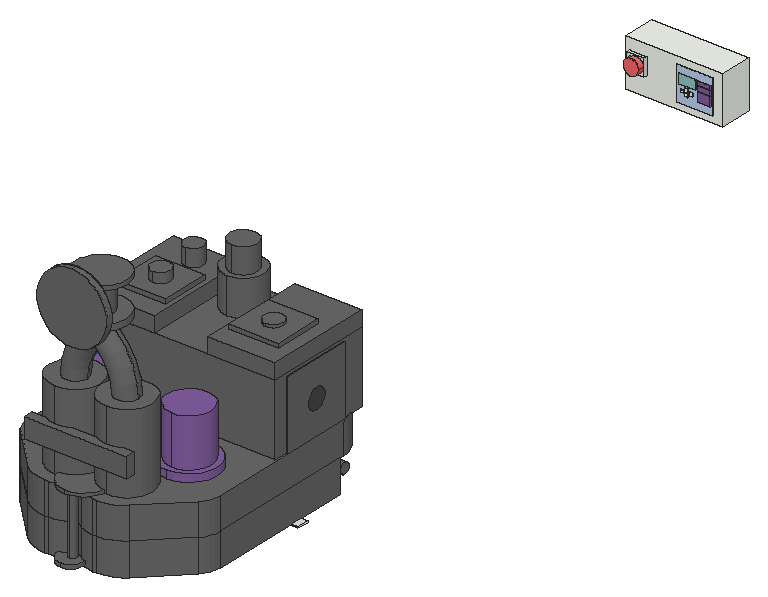
Revit family "11121", category Generic Models, Revit 2021
Family settings
  Can host rebar = No
  Round Connector Dimension = Use Diameter
  Part Type = Normal
  Work Plane-Based = No
  Always vertical = Yes
  Cut with Voids When Loaded = No
  Shared = Yes
  Room Calculation Point = No
Parameters (values of type "11121")
  SUPPLIER = "KESSEL"
  SA700ID49 = "Protection Class I"
  SA700ID48 = "no"
  SA700ID47 = "no"
  SA700ID46 = "yes"
  SA700ID37 = 20000 mm
  SA700ID34 = 55
  SA700ID33 = 4.2 W
  SA700ID32 = 188.86 kg
  SA700ID31 = 1
  SA700ID30 = 2
  SA700ID29 = "GLRD"
  SA700ID21 = 2000
  SA700ID10 = "yes"
  SA700ID08 = 400 V
  PROCUREWEBLINK = "https://p.caden.as/kessel/11121"
  PROCURELINK = "p.caden.as/kessel/11121"
  PROCUREDATALASTUPDATE = "2024-05-22T12:17:57.820755132+01:00"
  PREVIEW = "../../bilder/ksb_w_11121.png"
  PRC_SPECIFICATIONLINK = "https://ausschreiben.de/catalog/kessel/catalogItem/69e35619-5a2a-4ded-99a1-2c6b4afa951a"
  NN = "Lifting station Aqualift F XL"
  NBSYN = "$SA810ID03."
  NB = "11121"
  Model = "11121"
  Manufacturer = "KESSEL"
  MIdent = "{$CADENAS_DATA/23d-libs/kessel/kessel_vdi_import/4/entwaesserung/hebeanlage20aqualift20f20xl.prj},201 {STYP=ASS},{VTYP=3D},{NB=11121},{LINA=11121},{NN=Lifting station Aqualift F XL},{DATE=21.11.2022 10:48:11},{GEOMDATE=21.11.2022 10:48:11},{VERSION=},{LINEID=290},{WBVAR=LODLEVEL},{WBNUMERIC=LODLEVEL}  {NB=11121},{LINA=11121},{KT=DUMMY},{PREVIEW=../../bilder/ksb_w_11121.png},{SA700ID04=Hebeanlage Aqualift F XL 200 l, Duo, SPF 4500-S1, Gussschieber},{SA810ID06=04026092057889},{SA700ID34=55.00},{SA010ID03=201805},{SA810ID03=11121},{SA810ID10=Aqualift F XL 4500W-S1 Duo 200L m.S.G.KESSEL Aqualift F XL Hebeanlage für fäkalienhaltiges und fäkalienfreies Abwasser. Zur Aufstellung in frostgeschützten Räumen. Duoanlage mit zwei Pumpen des Typs SPF 4500-S1 Sammelbehälter aus Polyethylen, mit verschraubter Reinigungsöffnung, Anschlussstutzen für Zulauf von oben DN100/150. Inklusive Tauchrohr zur pneumatischen Niveauerfassung, Entlüftungsanschluss DN 70 und Anschluss für eine Handmembranpumpe DN32.Behälter inklusive Haltewinkel zur Auftriebssicherung.Behältervolumen 200 Liter, max. Nutzvolumen bei Zulauf von oben ca. 120 Liter.Zwei seitliche und zwei rückseitige Anbohrflächen zur Montage weiterer Zuläufe bis DN 200 unter Verwendung von Durchgangsdichtungen.Inklusive KESSEL Schaltgerät Aqualift Comfort 400 V.Anwenderfreundliche Menüführung im mehrzeiligem Display. MitSelbstdiagnosesystem (SDS) und Erinnerungsfunktion für nächste Wartung.Anzeige der aktuellen Messwerte. Einfache Einstellung derfunktionsrelevanten Parameter, inklusive Betriebsstundenzähler und potentialfreiem Kontakt. Optionale Weiterleitung von Alarm- und Sammelstörmeldung über GSM Schnittstelle.Schaltgerät mit Volltextanzeige in sechs Sprachen.Abwasserpumpe(n) mit Freistromrad zur Förderung von fäkalienfreiem und fäkalienhaltigem Abwasser gemäß DIN EN 12050-1.Freier Kugeldurchgang mindestens 40 mm. Pumpe(n) überflutungssicher. Inklusive Rückflussverhinderer, mit Druckabgang aus Grauguss DN 80. nach DIN 2501.Inklusive einem Absperrschieber.Pumpe(n) Typ SPF 4500-S1Fördermenge: max. 56 m³/hFörderhöhe: max. 20 mNennleistung (P2): 3,7 KW je PumpeAufnahmeleistung (P1): 4,5 KW je PumpeBetriebsspannung: 400 V DSNennfrequenz: 50 HzNennstrom: 7,4 AAbsicherung: 3 x C 25 ASchutzart (Pumpe): IP68 3mWS/48hSchutzart (Schaltgerät): IP 65Bertiebsart: S1Kabellänge: 5 mAußenmaße Anlage mit 200 Liter Behälter (BxTxH): 760 x 980 x 770 mmGewicht ca. 188,86 kg},{SA700ID37=20.00},{SA700ID33=4.20},{SA700ID08=400},{SA700ID30=2},{SA700ID32=188.86},{SA700ID49=Schutzklasse I},{SA700ID50=intern},{SA200ID03=6},{SA250ID03=vertikal},{SA260ID03=Trockenläuferpumpe},{SA350ID03=normalansaugend},{SA400ID03=E-Motor für Drehstrom},{SA460ID03=direkt},{SA500ID03=Kunststoff, Edelstahl},{SA700ID06=80},{SA700ID07=100},{SA700ID09=3/N/PE 400V},{SA700ID10=Ja},{SA700ID11=50},{SA700ID12=IP 68},{SA700ID13=F},{SA700ID15=40},{SA700ID21=2000.00},{SA700ID22=3.50},{SA700ID23=2850},{SA700ID24=2850},{SA700ID26=7.50},{SA700ID27=56.00},{SA700ID28=durchgehend},{SA700ID29=GLRD},{SA700ID31=1},{SA700ID46=ja},{SA700ID47=nein},{SA700ID48=nein},{SA110ID04=Hebeanlage Aqualift F XL},{SA300ID03=einstufig},{SA700ID44=10.00},{SA700ID45=10.00},{SA010ID04=KESSEL AG},{LODLEVEL=200},{LINK=https://www.kessel.de/info?han=11121},{SA970ID01=970},{SA970ID02=7143},{SA970ID03=11121},{SA970ID04=11002617},{SA970ID05=QUAD},{SA970ID06=-410.01},{SA970ID07=-899.99},{SA970ID08=0},{SA970ID09=1},{SA970ID10=0},{SA970ID11=0},{SA970ID12=0},{SA970ID13=1},{SA970ID14=0},{SA970ID15=820.02},{SA970ID16=1030},{SA970ID17=1033.74},{LODLEVEL_=200,'Low'},{LODLEVEL_DEU=200,'Low'},{LINK_=https://www.kessel.de/info?han=11121},{LINK_DEU=https://www.kessel.de/info?han=11121},{LODLEVEL_3DB=11121_200},{DNIN1=100},{DNIN2=70},{DNIN4=10},{DNIN5=10},{DNIN6=50},{DNIN7=50},{DNIN8=50},{DNIN9=50},{DNOUT1=32},{DNOUT2=100},{DNOUT3=70},{ISD1=96},{ISD2=10},{ISDOUT1=40},{ISDOUT2=60},{ISDOUT3=65},{SA010ID01=010},{SA010ID02=4},{SA010ID06=www.kessel.de},{SA010ID07=www.kessel.de},{SA010ID12=20180713},{SA010ID13=DEU},{SA010ID14=DE},{SA100ID01=100},{SA100ID02=4},{SA100ID04=Entwässerung},{SA110ID01=110},{SA110ID02=6},{SA200ID01=200},{SA200ID02=6},{SA250ID01=250},{SA250ID02=2},{SA260ID01=260},{SA260ID02=2},{SA300ID01=300},{SA300ID02=1},{SA350ID01=350},{SA350ID02=1},{SA400ID01=400},{SA400ID02=2},{SA460ID01=460},{SA460ID02=1},{SA500ID01=500},{SA500ID02=1},{SA700ID01=700},{SA700ID02=82},{SA700ID10_=1},{SA700ID16=0},{SA700ID25=0},{SA700ID46_=1},{SA700ID47_=0},{SA700ID48_=0},{SA700ID49_=1},{SA700ID50_=2},{SA800ID01=800},{SA800ID02=46},{SA810ID01=810},{SA810ID02=82},{SA810ID04=11121},{SA810ID07=82},{SA810ID09=1},{SA810ID14=PCE},{SA810ID15=1},{SA810ID16=NMP},{SA960ID03=82},{SA960ID04=3L},{SA960ID08=https://www.kessel.de/info?han=11121},{SA010ID08=4026092000007},{SA100ID05=Hebeanlage},{SA110ID06=Hebeanlage}"
  LINK = "https://www.kessel.de/info?han=11121"
  LINA = "11121"
  Default Elevation = 0 mm
  CREATOR = "CADENAS GmbH"
  CATALOG = "KESSEL"
  BOMINFO = "LINA"
  ARTICLENO = "NB"
  4.810.00.9 Order quantity (multiplicator) = "1"
  4.810.00.7 Media- connection number = "82"
  4.810.00.6 GTIN number = "04026092057889"
  4.810.00.4 DATANORM number = "11121"
  4.810.00.3 Producer order number = "11121"
  4.710.03.7 Mass (net) = 188.86 kg
  4.710.03.6 Height = 1027 mm
  4.710.03.5 Width = 760 mm
  4.710.03.4 Length = 1109 mm
  4.710.03.3 Type of dimensions = "2"
  4.710.02.8 Area of application of wastewater pump = "1"
  4.710.02.6 Duty type = "S1"
  4.710.02.5 Cutting device = "0"
  4.710.02.4 Attached pump control = "1"
  4.710.02.3 Free passage = 40 mm
  4.710.01.6 Option to connect to building automation = "40"
  4.710.01.5 Load regulation = "0"
  4.710.01.4 Designation of closed-loop control = "120"
  4.710.01.3 Identifier for closed-loop control = "200"
  4.700.00.9 Voltage = 0
  4.700.00.8 Nominal connection size on suction side = "100"
  4.700.00.7 Nominal connection size on pressure side = "100"
  4.700.00.6 Type of connection = "80"
  4.700.00.4 Product indentification = "Hebeanlage Aqualift F XL 200 l, Duo, SPF 4500-S1, Gussschieber"
  4.700.00.28 Motor pump shaft = "durchgehend"
  4.700.00.27 Starting current = 56
  4.700.00.26 Maximum power consumption per pump / drive = 7.5
  4.700.00.25 Minimum speed at internal speed adjustment = 0
  4.700.00.24 Nominal speed / maximum speed n = 47.5
  4.700.00.23 Nominal speed of motor = 47.5
  4.700.00.22 Maximum shaft output (P2) per pump/drive = 3.5 W
  4.700.00.16 Maximum temperature of pumped medium = 0 °C
  4.700.00.15 Increased safety class = "40 °C"
  4.700.00.13 Type of protection = "F"
  4.700.00.12 Frequency = 0
  4.700.00.11 Stern-/Dreieck-Anlaufschaltung bei Dreiphasenanschluss oder Drehstrom = "50 Hz"
  4.700.00.10 Phase = "1"
  4.500.00.3 Variant / Variant type / Accessories-name = "Kunststoff, Edelstahl"
  4.460.00.3 Variant / Variant type / Accessories-name = "direkt"
  4.400.00.3 Variant / Variant type / Accessories-name = "E-Motor für Drehstrom"
  4.350.00.3 Variant / Variant type / Accessories-name = "normalansaugend"
  4.300.00.3 Variant / Variant type / Accessories-name = "einstufig"
  4.260.00.3 Variant / Variant type / Accessories-name = "Trockenläuferpumpe"
  4.250.00.3 Variant / Variant type / Accessories-name = "vertikal"
  4.200.00.3 Variant / Variant type / Accessories-name = "6"
  4.110.00.6 Product classification = "Hebeanlage"
  4.110.00.4 Product indentification = "Hebeanlage Aqualift F XL"
  4.100.00.5 Main groups of wares = "Hebeanlage"
  4.100.00.4 Product indentification = "Entwässerung"
  4.010.00.8 Producer ID number = "4026092000007"
  4.010.00.7 Comment = "www.kessel.de"
  4.010.00.6 Web address of the manufacturer = "www.kessel.de"
  4.010.00.4 Manufacturer name = "KESSEL AG"
  4.010.00.3 Date of issuance (month) of guideline = "201805"
  4.010.00.2 Sheet number of the guideline = "4"
  4.010.00.14 Kennungen der Projektländer, für die die Datei gültig ist = "DE"
  4.010.00.13 Sprache der Datei = "DEU"
  4.010.00.12 Stand des Herstellerkatalogs = "20180713"
Reference planes
  plane 1 "Center (Front/Back)": y = 0
  plane 2: z = 0
  plane 3 "Center (Left/Right)": x = 0
Forms (mm)
  Extrusion 1, void
    sketch origin (380.5, -115, 392) x (0, -1, 0) y (0, 0, 1)
      loop
        line (-0.5, -0.5) -> (0.5, -0.5) -> (0.5, 0.5) -> (-0.5, 0.5) -> (-0.5, -0.5)
    from 0 to 1
  Extrusion 2, void
    sketch origin (160.15, 130.5, 392) x (1, 0, 0) y (0, 0, 1)
      loop
        line (-0.5, -0.5) -> (0.5, -0.5) -> (0.5, 0.5) -> (-0.5, 0.5) -> (-0.5, -0.5)
    from 0 to 1
  Extrusion 3, void
    sketch origin (-161, 130.5, 392) x (1, 0, 0) y (0, 0, 1)
      loop
        line (-0.5, -0.5) -> (0.5, -0.5) -> (0.5, 0.5) -> (-0.5, 0.5) -> (-0.5, -0.5)
    from 0 to 1
  Extrusion 4, void
    sketch origin (-380.5, -115, 392) x (0, 1, 0) y (0, 0, 1)
      loop
        line (-0.5, -0.5) -> (0.5, -0.5) -> (0.5, 0.5) -> (-0.5, 0.5) -> (-0.5, -0.5)
    from 0 to 1
Dimensions and locks
  locked: plane 2 to Extrusion 1 at 392.5
  locked: plane 2 to Extrusion 1 at 391.5
  locked: plane 2 to Extrusion 2 at 392.5
  locked: plane 2 to Extrusion 2 at 391.5
  locked: plane 2 to Extrusion 3 at 392.5
  locked: plane 2 to Extrusion 3 at 391.5
  locked: plane 2 to Extrusion 4 at 392.5
  locked: plane 2 to Extrusion 4 at 391.5
  aligned and locked: level to plane 2
Nested families
  nested 1: "11121_content" at (0, 0, 0), type "11121_Content"
  nested 2: "11121_part1_X0Y0" at (1000, 1000, 1200), type "11121_PART1_X0Y0"
  nested 3: "11121_part2_X0Y0" at (0, 0, 0), type "11121_PART2_X0Y0"
Connectors
  electrical at (861, 933, 1201.5)
    settings: on nested 2, index 1, voltage 0 V, apparent load 0 VA, apparent load phase1 0 VA, apparent load phase2 0 VA, apparent load phase3 0 VA, power factor 1, load classification "Other", number of poles 1, system type 31, power factor state 1, is connector primary yes, connector utility no, sub classification motor no, connector description ""
  piping at (0, 0, 771), diameter 100
    settings: on nested 3, index 2, connector inside diameter 609.6 mm, connector length 0 mm, flow factor 0, pipe flow 0.0 L/s, pressure drop 0.0 Pa, fitting loss kfactor 0, connector angle 0.00°, fixture units 0, engagement length 0 mm, angle of deflection 0.00°, flow configuration 0, flow direction 1, fitting loss method 2, system type 8, joint type 0, gender type 0, connector reference index -1, connector utility 0, adjustable connector no, is connector primary yes, connector description ""
  piping at (380.5, -115, 392), diameter 70
    settings: on Extrusion 1, index 3, connector inside diameter 609.6 mm, connector length 0 mm, flow factor 0, pipe flow 0.0 L/s, pressure drop 0.0 Pa, fitting loss kfactor 0, connector angle 0.00°, fixture units 0, engagement length 0 mm, angle of deflection 0.00°, flow configuration 0, flow direction 0, fitting loss method 2, system type 8, joint type 0, gender type 0, connector reference index -1, connector utility 0, adjustable connector no, is connector primary no, connector description ""
  piping at (160.15, 130.5, 392), diameter 70
    settings: on Extrusion 2, index 4, connector inside diameter 609.6 mm, connector length 0 mm, flow factor 0, pipe flow 0.0 L/s, pressure drop 0.0 Pa, fitting loss kfactor 0, connector angle 0.00°, fixture units 0, engagement length 0 mm, angle of deflection 0.00°, flow configuration 0, flow direction 0, fitting loss method 2, system type 8, joint type 0, gender type 0, connector reference index -1, connector utility 0, adjustable connector no, is connector primary no, connector description ""
  piping at (-161, 130.5, 392), diameter 70
    settings: on Extrusion 3, index 5, connector inside diameter 609.6 mm, connector length 0 mm, flow factor 0, pipe flow 0.0 L/s, pressure drop 0.0 Pa, fitting loss kfactor 0, connector angle 0.00°, fixture units 0, engagement length 0 mm, angle of deflection 0.00°, flow configuration 0, flow direction 0, fitting loss method 2, system type 8, joint type 0, gender type 0, connector reference index -1, connector utility 0, adjustable connector no, is connector primary no, connector description ""
  piping at (-380.5, -115, 392), diameter 70
    settings: on Extrusion 4, index 6, connector inside diameter 609.6 mm, connector length 0 mm, flow factor 0, pipe flow 0.0 L/s, pressure drop 0.0 Pa, fitting loss kfactor 0, connector angle 0.00°, fixture units 0, engagement length 0 mm, angle of deflection 0.00°, flow configuration 0, flow direction 0, fitting loss method 2, system type 8, joint type 0, gender type 0, connector reference index -1, connector utility 0, adjustable connector no, is connector primary no, connector description ""
  piping at (0, -700, 966), diameter 100
    settings: on nested 3, index 7, connector inside diameter 609.6 mm, connector length 0 mm, flow factor 0, pipe flow 0.0 L/s, pressure drop 0.0 Pa, fitting loss kfactor 0, connector angle 0.00°, fixture units 0, engagement length 0 mm, angle of deflection 0.00°, flow configuration 0, flow direction 2, fitting loss method 2, system type 7, joint type 0, gender type 0, connector reference index -1, connector utility 0, adjustable connector no, is connector primary no, connector description ""
  piping at (-225, 36, 661), diameter 70
    settings: on nested 3, index 8, connector inside diameter 609.6 mm, connector length 0 mm, flow factor 0, pipe flow 0.0 L/s, pressure drop 0.0 Pa, fitting loss kfactor 0, connector angle 0.00°, fixture units 0, engagement length 0 mm, angle of deflection 0.00°, flow configuration 0, flow direction 2, fitting loss method 2, system type 7, joint type 0, gender type 0, connector reference index -1, connector utility 0, adjustable connector no, is connector primary no, connector description ""
  piping at (354.5, 56, 60), diameter 32
    settings: on nested 3, index 9, connector inside diameter 609.6 mm, connector length 0 mm, flow factor 0, pipe flow 0.0 L/s, pressure drop 0.0 Pa, fitting loss kfactor 0, connector angle 0.00°, fixture units 0, engagement length 0 mm, angle of deflection 0.00°, flow configuration 0, flow direction 2, fitting loss method 2, system type 7, joint type 0, gender type 0, connector reference index -1, connector utility 0, adjustable connector no, is connector primary no, connector description ""
  electrical at (185, -497, 477)
    settings: on nested 3, index 10, voltage 0 V, apparent load 0 VA, apparent load phase1 0 VA, apparent load phase2 0 VA, apparent load phase3 0 VA, power factor 1, load classification "Other", number of poles 1, system type 31, power factor state 1, is connector primary no, connector utility no, sub classification motor no, connector description ""
  electrical at (-185, -496.75, 477)
    settings: on nested 3, index 11, voltage 0 V, apparent load 0 VA, apparent load phase1 0 VA, apparent load phase2 0 VA, apparent load phase3 0 VA, power factor 1, load classification "Other", number of poles 1, system type 31, power factor state 1, is connector primary no, connector utility no, sub classification motor no, connector description ""
  electrical at (-222.5, -129, 650)
    settings: on nested 3, index 12, voltage 0 V, apparent load 0 VA, apparent load phase1 0 VA, apparent load phase2 0 VA, apparent load phase3 0 VA, power factor 1, load classification "Other", number of poles 1, system type 31, power factor state 1, is connector primary no, connector utility no, sub classification motor no, connector description ""
Definition of nested family "11121_part1_X0Y0"
  Parameters (values of type "11121_PART1_X0Y0")
    SUPPLIER = "KESSEL"
    SA700ID49 = "Protection Class I"
    SA700ID48 = "no"
    SA700ID47 = "no"
    SA700ID46 = "yes"
    SA700ID37 = 20000 mm
    SA700ID34 = 55
    SA700ID33 = 4.2 W
    SA700ID32 = 188.86 kg
    SA700ID31 = 1
    SA700ID30 = 2
    SA700ID29 = "GLRD"
    SA700ID21 = 2000
    SA700ID10 = "yes"
    SA700ID08 = 400 V
    PREVIEW = "../../bilder/ksb_w_11121.png"
    NBSYN = "$SA810ID03._PART1"
    NB = "11121_PART1"
    Model = "11121_PART1"
    Manufacturer = "KESSEL"
    MIdent = "{$CADENAS_DATA/23d-libs/kessel/kessel_vdi_import/4/entwaesserung/hebeanlage20aqualift20f20xl.prj},221 {VTYP=3D},{NB=11121_PART1},{LINA=11121_PART1},{NN=Lifting station Aqualift F XL_PART1},{NOPRJ=TRUE},{DATE=21.11.2022 10:48:11},{GEOMDATE=21.11.2022 10:48:11},{VERSION=},{LINEID=290},{WBVAR=LODLEVEL},{WBNUMERIC=LODLEVEL}  {NB=11121_PART1},{LINA=11121_PART1},{KT=DUMMY},{PREVIEW=../../bilder/ksb_w_11121.png},{SA700ID04=Hebeanlage Aqualift F XL 200 l, Duo, SPF 4500-S1, Gussschieber},{SA810ID06=04026092057889},{SA700ID34=55.00},{SA010ID03=201805},{SA810ID03=11121},{SA810ID10=Aqualift F XL 4500W-S1 Duo 200L m.S.G.KESSEL Aqualift F XL Hebeanlage für fäkalienhaltiges und fäkalienfreies Abwasser. Zur Aufstellung in frostgeschützten Räumen. Duoanlage mit zwei Pumpen des Typs SPF 4500-S1 Sammelbehälter aus Polyethylen, mit verschraubter Reinigungsöffnung, Anschlussstutzen für Zulauf von oben DN100/150. Inklusive Tauchrohr zur pneumatischen Niveauerfassung, Entlüftungsanschluss DN 70 und Anschluss für eine Handmembranpumpe DN32.Behälter inklusive Haltewinkel zur Auftriebssicherung.Behältervolumen 200 Liter, max. Nutzvolumen bei Zulauf von oben ca. 120 Liter.Zwei seitliche und zwei rückseitige Anbohrflächen zur Montage weiterer Zuläufe bis DN 200 unter Verwendung von Durchgangsdichtungen.Inklusive KESSEL Schaltgerät Aqualift Comfort 400 V.Anwenderfreundliche Menüführung im mehrzeiligem Display. MitSelbstdiagnosesystem (SDS) und Erinnerungsfunktion für nächste Wartung.Anzeige der aktuellen Messwerte. Einfache Einstellung derfunktionsrelevanten Parameter, inklusive Betriebsstundenzähler und potentialfreiem Kontakt. Optionale Weiterleitung von Alarm- und Sammelstörmeldung über GSM Schnittstelle.Schaltgerät mit Volltextanzeige in sechs Sprachen.Abwasserpumpe(n) mit Freistromrad zur Förderung von fäkalienfreiem und fäkalienhaltigem Abwasser gemäß DIN EN 12050-1.Freier Kugeldurchgang mindestens 40 mm. Pumpe(n) überflutungssicher. Inklusive Rückflussverhinderer, mit Druckabgang aus Grauguss DN 80. nach DIN 2501.Inklusive einem Absperrschieber.Pumpe(n) Typ SPF 4500-S1Fördermenge: max. 56 m³/hFörderhöhe: max. 20 mNennleistung (P2): 3,7 KW je PumpeAufnahmeleistung (P1): 4,5 KW je PumpeBetriebsspannung: 400 V DSNennfrequenz: 50 HzNennstrom: 7,4 AAbsicherung: 3 x C 25 ASchutzart (Pumpe): IP68 3mWS/48hSchutzart (Schaltgerät): IP 65Bertiebsart: S1Kabellänge: 5 mAußenmaße Anlage mit 200 Liter Behälter (BxTxH): 760 x 980 x 770 mmGewicht ca. 188,86 kg},{SA700ID37=20.00},{SA700ID33=4.20},{SA700ID08=400},{SA700ID30=2},{SA700ID32=188.86},{SA700ID49=Schutzklasse I},{SA700ID50=intern},{SA200ID03=6},{SA250ID03=vertikal},{SA260ID03=Trockenläuferpumpe},{SA350ID03=normalansaugend},{SA400ID03=E-Motor für Drehstrom},{SA460ID03=direkt},{SA500ID03=Kunststoff, Edelstahl},{SA700ID06=80},{SA700ID07=100},{SA700ID09=3/N/PE 400V},{SA700ID10=Ja},{SA700ID11=50},{SA700ID12=IP 68},{SA700ID13=F},{SA700ID15=40},{SA700ID21=2000.00},{SA700ID22=3.50},{SA700ID23=2850},{SA700ID24=2850},{SA700ID26=7.50},{SA700ID27=56.00},{SA700ID28=durchgehend},{SA700ID29=GLRD},{SA700ID31=1},{SA700ID46=ja},{SA700ID47=nein},{SA700ID48=nein},{SA110ID04=Hebeanlage Aqualift F XL},{SA300ID03=einstufig},{SA700ID44=10.00},{SA700ID45=10.00},{SA010ID04=KESSEL AG},{LODLEVEL=200},{LINK=https://www.kessel.de/info?han=11121},{SA970ID01=970},{SA970ID02=7143},{SA970ID03=11121},{SA970ID04=11002617},{SA970ID05=QUAD},{SA970ID06=-410.01},{SA970ID07=-899.99},{SA970ID08=0},{SA970ID09=1},{SA970ID10=0},{SA970ID11=0},{SA970ID12=0},{SA970ID13=1},{SA970ID14=0},{SA970ID15=820.02},{SA970ID16=1030},{SA970ID17=1033.74},{LODLEVEL_=200,'Low'},{LODLEVEL_DEU=200,'Low'},{LINK_=https://www.kessel.de/info?han=11121},{LINK_DEU=https://www.kessel.de/info?han=11121},{LODLEVEL_3DB=11121_200},{DNIN1=100},{DNIN2=70},{DNIN4=10},{DNIN5=10},{DNIN6=50},{DNIN7=50},{DNIN8=50},{DNIN9=50},{DNOUT1=32},{DNOUT2=100},{DNOUT3=70},{ISD1=96},{ISD2=10},{ISDOUT1=40},{ISDOUT2=60},{ISDOUT3=65},{SA010ID01=010},{SA010ID02=4},{SA010ID06=www.kessel.de},{SA010ID07=www.kessel.de},{SA010ID12=20180713},{SA010ID13=DEU},{SA010ID14=DE},{SA100ID01=100},{SA100ID02=4},{SA100ID04=Entwässerung},{SA110ID01=110},{SA110ID02=6},{SA200ID01=200},{SA200ID02=6},{SA250ID01=250},{SA250ID02=2},{SA260ID01=260},{SA260ID02=2},{SA300ID01=300},{SA300ID02=1},{SA350ID01=350},{SA350ID02=1},{SA400ID01=400},{SA400ID02=2},{SA460ID01=460},{SA460ID02=1},{SA500ID01=500},{SA500ID02=1},{SA700ID01=700},{SA700ID02=82},{SA700ID10_=1},{SA700ID16=0},{SA700ID25=0},{SA700ID46_=1},{SA700ID47_=0},{SA700ID48_=0},{SA700ID49_=1},{SA700ID50_=2},{SA800ID01=800},{SA800ID02=46},{SA810ID01=810},{SA810ID02=82},{SA810ID04=11121},{SA810ID07=82},{SA810ID09=1},{SA810ID14=PCE},{SA810ID15=1},{SA810ID16=NMP},{SA960ID03=82},{SA960ID04=3L},{SA960ID08=https://www.kessel.de/info?han=11121},{SA010ID08=4026092000007},{SA100ID05=Hebeanlage},{SA110ID06=Hebeanlage}"
    LINK = "https://www.kessel.de/info?han=11121"
    LINA = "11121_PART1"
    Default Elevation = 1219.2 mm
    CREATOR = "CADENAS GmbH"
    CATALOG = "KESSEL"
    BOMINFO = "LINA"
    ARTICLENO = "NB"
    4.810.00.9 Order quantity (multiplicator) = "1"
    4.810.00.7 Media- connection number = "82"
    4.810.00.6 GTIN number = "04026092057889"
    4.810.00.4 DATANORM number = "11121"
    4.810.00.3 Producer order number = "11121"
    4.710.03.7 Mass (net) = 188.86 kg
    4.710.03.6 Height = 1027 mm
    4.710.03.5 Width = 760 mm
    4.710.03.4 Length = 1109 mm
    4.710.03.3 Type of dimensions = "2"
    4.710.02.8 Area of application of wastewater pump = "1"
    4.710.02.6 Duty type = "S1"
    4.710.02.5 Cutting device = "0"
    4.710.02.4 Attached pump control = "1"
    4.710.02.3 Free passage = 40 mm
    4.710.01.6 Option to connect to building automation = "40"
    4.710.01.5 Load regulation = "0"
    4.710.01.4 Designation of closed-loop control = "120"
    4.710.01.3 Identifier for closed-loop control = "200"
    4.700.00.9 Voltage = 0
    4.700.00.8 Nominal connection size on suction side = "100"
    4.700.00.7 Nominal connection size on pressure side = "100"
    4.700.00.6 Type of connection = "80"
    4.700.00.4 Product indentification = "Hebeanlage Aqualift F XL 200 l, Duo, SPF 4500-S1, Gussschieber"
    4.700.00.28 Motor pump shaft = "durchgehend"
    4.700.00.27 Starting current = 56
    4.700.00.26 Maximum power consumption per pump / drive = 7.5
    4.700.00.25 Minimum speed at internal speed adjustment = 0
    4.700.00.24 Nominal speed / maximum speed n = 47.5
    4.700.00.23 Nominal speed of motor = 47.5
    4.700.00.22 Maximum shaft output (P2) per pump/drive = 3.5 W
    4.700.00.16 Maximum temperature of pumped medium = 0 °C
    4.700.00.15 Increased safety class = "40 °C"
    4.700.00.13 Type of protection = "F"
    4.700.00.12 Frequency = 0
    4.700.00.11 Stern-/Dreieck-Anlaufschaltung bei Dreiphasenanschluss oder Drehstrom = "50 Hz"
    4.700.00.10 Phase = "1"
    4.500.00.3 Variant / Variant type / Accessories-name = "Kunststoff, Edelstahl"
    4.460.00.3 Variant / Variant type / Accessories-name = "direkt"
    4.400.00.3 Variant / Variant type / Accessories-name = "E-Motor für Drehstrom"
    4.350.00.3 Variant / Variant type / Accessories-name = "normalansaugend"
    4.300.00.3 Variant / Variant type / Accessories-name = "einstufig"
    4.260.00.3 Variant / Variant type / Accessories-name = "Trockenläuferpumpe"
    4.250.00.3 Variant / Variant type / Accessories-name = "vertikal"
    4.200.00.3 Variant / Variant type / Accessories-name = "6"
    4.110.00.6 Product classification = "Hebeanlage"
    4.110.00.4 Product indentification = "Hebeanlage Aqualift F XL"
    4.100.00.5 Main groups of wares = "Hebeanlage"
    4.100.00.4 Product indentification = "Entwässerung"
    4.010.00.8 Producer ID number = "4026092000007"
    4.010.00.7 Comment = "www.kessel.de"
    4.010.00.6 Web address of the manufacturer = "www.kessel.de"
    4.010.00.4 Manufacturer name = "KESSEL AG"
    4.010.00.3 Date of issuance (month) of guideline = "201805"
    4.010.00.2 Sheet number of the guideline = "4"
    4.010.00.14 Kennungen der Projektländer, für die die Datei gültig ist = "DE"
    4.010.00.13 Sprache der Datei = "DEU"
    4.010.00.12 Stand des Herstellerkatalogs = "20180713"
  Reference planes
    plane 1 "Center (Front/Back)": y = 0
    plane 2: z = 0
    plane 3 "Center (Left/Right)": x = 0
  Dimensions and locks
    aligned and locked: level to plane 2
  Nested families
    nested 1: "11121_part1_content" at (0, 0, 0), type "11121_PART1_Content"
  Definition of nested family "11121_part1_content"
    Parameters (values of type "11121_PART1_Content")
      SUPPLIER = "KESSEL"
      SA700ID49 = "Protection Class I"
      SA700ID48 = "no"
      SA700ID47 = "no"
      SA700ID46 = "yes"
      SA700ID37 = 20000 mm
      SA700ID34 = 55
      SA700ID33 = 4.2 W
      SA700ID32 = 188.86 kg
      SA700ID31 = 1
      SA700ID30 = 2
      SA700ID29 = "GLRD"
      SA700ID21 = 2000
      SA700ID10 = "yes"
      SA700ID08 = 400 V
      PREVIEW = "../../bilder/ksb_w_11121.png"
      NBSYN = "$SA810ID03._PART1"
      NB = "11121_PART1"
      Model = "11121_PART1"
      Manufacturer = "KESSEL"
      LINK = "https://www.kessel.de/info?han=11121"
      LINA = "11121_PART1"
      Default Elevation = 1219.2 mm
      CREATOR = "CADENAS GmbH"
      CATALOG = "KESSEL"
      BOMINFO = "LINA"
      ARTICLENO = "NB"
      4.810.00.9 Order quantity (multiplicator) = "1"
      4.810.00.7 Media- connection number = "82"
      4.810.00.6 GTIN number = "04026092057889"
      4.810.00.4 DATANORM number = "11121"
      4.810.00.3 Producer order number = "11121"
      4.710.03.7 Mass (net) = 188.86 kg
      4.710.03.6 Height = 1027 mm
      4.710.03.5 Width = 760 mm
      4.710.03.4 Length = 1109 mm
      4.710.03.3 Type of dimensions = "2"
      4.710.02.8 Area of application of wastewater pump = "1"
      4.710.02.6 Duty type = "S1"
      4.710.02.5 Cutting device = "0"
      4.710.02.4 Attached pump control = "1"
      4.710.02.3 Free passage = 40 mm
      4.710.01.6 Option to connect to building automation = "40"
      4.710.01.5 Load regulation = "0"
      4.710.01.4 Designation of closed-loop control = "120"
      4.710.01.3 Identifier for closed-loop control = "200"
      4.700.00.9 Voltage = 0
      4.700.00.8 Nominal connection size on suction side = "100"
      4.700.00.7 Nominal connection size on pressure side = "100"
      4.700.00.6 Type of connection = "80"
      4.700.00.4 Product indentification = "Hebeanlage Aqualift F XL 200 l, Duo, SPF 4500-S1, Gussschieber"
      4.700.00.28 Motor pump shaft = "durchgehend"
      4.700.00.27 Starting current = 56
      4.700.00.26 Maximum power consumption per pump / drive = 7.5
      4.700.00.25 Minimum speed at internal speed adjustment = 0
      4.700.00.24 Nominal speed / maximum speed n = 47.5
      4.700.00.23 Nominal speed of motor = 47.5
      4.700.00.22 Maximum shaft output (P2) per pump/drive = 3.5 W
      4.700.00.16 Maximum temperature of pumped medium = 0 °C
      4.700.00.15 Increased safety class = "40 °C"
      4.700.00.13 Type of protection = "F"
      4.700.00.12 Frequency = 0
      4.700.00.11 Stern-/Dreieck-Anlaufschaltung bei Dreiphasenanschluss oder Drehstrom = "50 Hz"
      4.700.00.10 Phase = "1"
      4.500.00.3 Variant / Variant type / Accessories-name = "Kunststoff, Edelstahl"
      4.460.00.3 Variant / Variant type / Accessories-name = "direkt"
      4.400.00.3 Variant / Variant type / Accessories-name = "E-Motor für Drehstrom"
      4.350.00.3 Variant / Variant type / Accessories-name = "normalansaugend"
      4.300.00.3 Variant / Variant type / Accessories-name = "einstufig"
      4.260.00.3 Variant / Variant type / Accessories-name = "Trockenläuferpumpe"
      4.250.00.3 Variant / Variant type / Accessories-name = "vertikal"
      4.200.00.3 Variant / Variant type / Accessories-name = "6"
      4.110.00.6 Product classification = "Hebeanlage"
      4.110.00.4 Product indentification = "Hebeanlage Aqualift F XL"
      4.100.00.5 Main groups of wares = "Hebeanlage"
      4.100.00.4 Product indentification = "Entwässerung"
      4.010.00.8 Producer ID number = "4026092000007"
      4.010.00.7 Comment = "www.kessel.de"
      4.010.00.6 Web address of the manufacturer = "www.kessel.de"
      4.010.00.4 Manufacturer name = "KESSEL AG"
      4.010.00.3 Date of issuance (month) of guideline = "201805"
      4.010.00.2 Sheet number of the guideline = "4"
      4.010.00.14 Kennungen der Projektländer, für die die Datei gültig ist = "DE"
      4.010.00.13 Sprache der Datei = "DEU"
      4.010.00.12 Stand des Herstellerkatalogs = "20180713"
    Reference planes
      plane 1 "Center (Front/Back)": y = 0
      plane 2: z = 0
      plane 3 "Center (Left/Right)": x = 0
    Forms (mm)
      Extrusion 1, solid, detail levels medium+fine
        sketch origin (189.25, -1.75, 0.2) x (0, -1, 0) y (0, 0, 1)
          loop
            line (0, 187.8) -> (0, 0) -> (127.75, 0) -> (127.75, 187.8) -> (0, 187.8)
        from 0 to 378.5
      Extrusion 2, solid, detail levels medium+fine
        sketch origin (-4, -67, 0) x (0, 1, 0) y (-1, 0, 0)
          loop
            circle (0, 0) r 12.5
        from 0 to 1.5
      Extrusion 3, solid, detail levels medium+fine
        sketch origin (150.8, -129.5, 26.5) x (0, -1, 0) y (0, 0, 1)
          loop
            line (-1.2, 134.8) -> (-1.2, 0) -> (0.25, 0) -> (0.25, 134.8) -> (-1.2, 134.8)
        from 0 to 139.9
      Extrusion 4, solid, detail levels medium+fine
        sketch origin (72.55, -129.75, 66) x (0, -1, 0) y (0, 0, 1)
          loop
            line (-1, 12) -> (-1, 0) -> (0.5, 0) -> (0.5, 12) -> (-1, 12)
        from 0 to 12
      Extrusion 5, solid, detail levels medium+fine
        sketch origin (84.45, -129.75, 93.4) x (0, -1, 0) y (0, 0, 1)
          loop
            line (-1, 37) -> (-1, 0) -> (0.5, 0) -> (0.5, 37) -> (-1, 37)
        from 0 to 66
      Extrusion 6, solid, detail levels medium+fine
        sketch origin (55.3, -129.75, 74) x (0, -1, 0) y (0, 0, 1)
          loop
            line (-1, 12) -> (-1, 0) -> (0.5, 0) -> (0.5, 12) -> (-1, 12)
        from 0 to 12
      Extrusion 7, solid, detail levels medium+fine
        sketch origin (143.3, -129.75, 94.4) x (0, -1, 0) y (0, 0, 1)
          loop
            line (0, 16) -> (0, 0) -> (1.75, 0) -> (1.75, 16) -> (0, 16)
        from 0 to 51
      Extrusion 8, solid, detail levels medium+fine
        sketch origin (143.3, -129.75, 54.4) x (0, -1, 0) y (0, 0, 1)
          loop
            line (0, 36) -> (0, 0) -> (1.75, 0) -> (1.75, 36) -> (0, 36)
        from 0 to 51
      Extrusion 9, solid, detail levels medium+fine
        sketch origin (55.3, -129.75, 57.5) x (0, -1, 0) y (0, 0, 1)
          loop
            line (-1, 12) -> (-1, 0) -> (0.5, 0) -> (0.5, 12) -> (-1, 12)
        from 0 to 12
      Extrusion 10, solid, detail levels medium+fine
        sketch origin (143.3, -129.75, 114.4) x (0, -1, 0) y (0, 0, 1)
          loop
            line (0, 16) -> (0, 0) -> (1.75, 0) -> (1.75, 16) -> (0, 16)
        from 0 to 51
      Extrusion 11, solid, detail levels medium+fine
        sketch origin (38.05, -129.75, 66) x (0, -1, 0) y (0, 0, 1)
          loop
            line (-1, 12) -> (-1, 0) -> (0.5, 0) -> (0.5, 12) -> (-1, 12)
        from 0 to 12
      Extrusion 12, solid, detail levels medium+fine
        sketch origin (47, -72, 0) x (0, 1, 0) y (-1, 0, 0)
          loop
            circle (0, 0) r 8
        from 0 to 1.5
      Extrusion 13, solid, detail levels medium+fine
        sketch origin (47, -42, 0) x (0, 1, 0) y (-1, 0, 0)
          loop
            circle (0, 0) r 5.25
        from 0 to 1.5
      Extrusion 14, solid, detail levels medium+fine
        sketch origin (77, -72, 0) x (0, 1, 0) y (-1, 0, 0)
          loop
            circle (0, 0) r 8
        from 0 to 1.5
      Extrusion 15, solid, detail levels medium+fine
        sketch origin (-94, -67, 0) x (0, 1, 0) y (-1, 0, 0)
          loop
            circle (0, 0) r 12.5
        from 0 to 1.5
      Extrusion 16, solid, detail levels medium+fine
        sketch origin (92, -42, 0) x (0, 1, 0) y (-1, 0, 0)
          loop
            circle (0, 0) r 8
        from 0 to 1.5
      Extrusion 17, solid, detail levels medium+fine
        sketch origin (107, -72, 0) x (0, 1, 0) y (-1, 0, 0)
          loop
            circle (0, 0) r 8
        from 0 to 1.5
      Extrusion 18, solid, detail levels medium+fine
        sketch origin (122, -42, 0) x (0, 1, 0) y (-1, 0, 0)
          loop
            circle (0, 0) r 8
        from 0 to 1.5
      Extrusion 19, solid, detail levels medium+fine
        sketch origin (-107.7, -129.5, 76.9) x (0, -1, 0) y (0, 0, 1)
          loop
            line (0, 67) -> (0, 0) -> (14, 0) -> (14, 67) -> (0, 67)
        from 0 to 67
      Extrusion 20, solid, detail levels medium+fine
        sketch origin (-141.2, -143.5, 110.4) x (1, 0, 0) y (0, 0, 1)
          loop
            circle (0, 0) r 30
        from 0 to 22
      Extrusion 21, solid, detail levels medium+fine
        sketch origin (127, -15, 0) x (0, 1, 0) y (-1, 0, 0)
          loop
            circle (0, 0) r 6
        from 0 to 1.5
      Extrusion 22, solid, detail levels medium+fine
        sketch origin (137, -72, 0) x (0, 1, 0) y (-1, 0, 0)
          loop
            circle (0, 0) r 8
        from 0 to 1.5
      Extrusion 23, solid, detail levels medium+fine
        sketch origin (-139, -67, 0) x (0, 1, 0) y (-1, 0, 0)
          loop
            circle (0, 0) r 12.5
        from 0 to 1.5
      Extrusion 24, solid, detail levels medium+fine
        sketch origin (152, -42, 0) x (0, 1, 0) y (-1, 0, 0)
          loop
            circle (0, 0) r 8
        from 0 to 1.5
      Extrusion 25, solid, detail levels coarse
        sketch origin (0, -83.625, 0) x (1, 0, 0) y (0, 1, 0)
          loop
            line (-189.25, -81.875) -> (189.25, -81.875) -> (189.25, 81.875) -> (-189.25, 81.875) -> (-189.25, -81.875)
        from 0 to 188
    Dimensions and locks
      aligned and locked: level to plane 2
Definition of nested family "11121_part2_X0Y0"
  Parameters (values of type "11121_PART2_X0Y0")
    SUPPLIER = "KESSEL"
    SA700ID49 = "Protection Class I"
    SA700ID48 = "no"
    SA700ID47 = "no"
    SA700ID46 = "yes"
    SA700ID37 = 20000 mm
    SA700ID34 = 55
    SA700ID33 = 4.2 W
    SA700ID32 = 188.86 kg
    SA700ID31 = 1
    SA700ID30 = 2
    SA700ID29 = "GLRD"
    SA700ID21 = 2000
    SA700ID10 = "yes"
    SA700ID08 = 400 V
    PREVIEW = "../../bilder/ksb_w_11121.png"
    NBSYN = "$SA810ID03._PART2"
    NB = "11121_PART2"
    Model = "11121_PART2"
    Manufacturer = "KESSEL"
    MIdent = "{$CADENAS_DATA/23d-libs/kessel/kessel_vdi_import/4/entwaesserung/hebeanlage20aqualift20f20xl.prj},221 {VTYP=3D},{NB=11121_PART2},{LINA=11121_PART2},{NN=Lifting station Aqualift F XL_PART2},{NOPRJ=TRUE},{DATE=21.11.2022 10:48:11},{GEOMDATE=21.11.2022 10:48:11},{VERSION=},{LINEID=290},{WBVAR=LODLEVEL},{WBNUMERIC=LODLEVEL}  {NB=11121_PART2},{LINA=11121_PART2},{KT=DUMMY},{PREVIEW=../../bilder/ksb_w_11121.png},{SA700ID04=Hebeanlage Aqualift F XL 200 l, Duo, SPF 4500-S1, Gussschieber},{SA810ID06=04026092057889},{SA700ID34=55.00},{SA010ID03=201805},{SA810ID03=11121},{SA810ID10=Aqualift F XL 4500W-S1 Duo 200L m.S.G.KESSEL Aqualift F XL Hebeanlage für fäkalienhaltiges und fäkalienfreies Abwasser. Zur Aufstellung in frostgeschützten Räumen. Duoanlage mit zwei Pumpen des Typs SPF 4500-S1 Sammelbehälter aus Polyethylen, mit verschraubter Reinigungsöffnung, Anschlussstutzen für Zulauf von oben DN100/150. Inklusive Tauchrohr zur pneumatischen Niveauerfassung, Entlüftungsanschluss DN 70 und Anschluss für eine Handmembranpumpe DN32.Behälter inklusive Haltewinkel zur Auftriebssicherung.Behältervolumen 200 Liter, max. Nutzvolumen bei Zulauf von oben ca. 120 Liter.Zwei seitliche und zwei rückseitige Anbohrflächen zur Montage weiterer Zuläufe bis DN 200 unter Verwendung von Durchgangsdichtungen.Inklusive KESSEL Schaltgerät Aqualift Comfort 400 V.Anwenderfreundliche Menüführung im mehrzeiligem Display. MitSelbstdiagnosesystem (SDS) und Erinnerungsfunktion für nächste Wartung.Anzeige der aktuellen Messwerte. Einfache Einstellung derfunktionsrelevanten Parameter, inklusive Betriebsstundenzähler und potentialfreiem Kontakt. Optionale Weiterleitung von Alarm- und Sammelstörmeldung über GSM Schnittstelle.Schaltgerät mit Volltextanzeige in sechs Sprachen.Abwasserpumpe(n) mit Freistromrad zur Förderung von fäkalienfreiem und fäkalienhaltigem Abwasser gemäß DIN EN 12050-1.Freier Kugeldurchgang mindestens 40 mm. Pumpe(n) überflutungssicher. Inklusive Rückflussverhinderer, mit Druckabgang aus Grauguss DN 80. nach DIN 2501.Inklusive einem Absperrschieber.Pumpe(n) Typ SPF 4500-S1Fördermenge: max. 56 m³/hFörderhöhe: max. 20 mNennleistung (P2): 3,7 KW je PumpeAufnahmeleistung (P1): 4,5 KW je PumpeBetriebsspannung: 400 V DSNennfrequenz: 50 HzNennstrom: 7,4 AAbsicherung: 3 x C 25 ASchutzart (Pumpe): IP68 3mWS/48hSchutzart (Schaltgerät): IP 65Bertiebsart: S1Kabellänge: 5 mAußenmaße Anlage mit 200 Liter Behälter (BxTxH): 760 x 980 x 770 mmGewicht ca. 188,86 kg},{SA700ID37=20.00},{SA700ID33=4.20},{SA700ID08=400},{SA700ID30=2},{SA700ID32=188.86},{SA700ID49=Schutzklasse I},{SA700ID50=intern},{SA200ID03=6},{SA250ID03=vertikal},{SA260ID03=Trockenläuferpumpe},{SA350ID03=normalansaugend},{SA400ID03=E-Motor für Drehstrom},{SA460ID03=direkt},{SA500ID03=Kunststoff, Edelstahl},{SA700ID06=80},{SA700ID07=100},{SA700ID09=3/N/PE 400V},{SA700ID10=Ja},{SA700ID11=50},{SA700ID12=IP 68},{SA700ID13=F},{SA700ID15=40},{SA700ID21=2000.00},{SA700ID22=3.50},{SA700ID23=2850},{SA700ID24=2850},{SA700ID26=7.50},{SA700ID27=56.00},{SA700ID28=durchgehend},{SA700ID29=GLRD},{SA700ID31=1},{SA700ID46=ja},{SA700ID47=nein},{SA700ID48=nein},{SA110ID04=Hebeanlage Aqualift F XL},{SA300ID03=einstufig},{SA700ID44=10.00},{SA700ID45=10.00},{SA010ID04=KESSEL AG},{LODLEVEL=200},{LINK=https://www.kessel.de/info?han=11121},{SA970ID01=970},{SA970ID02=7143},{SA970ID03=11121},{SA970ID04=11002617},{SA970ID05=QUAD},{SA970ID06=-410.01},{SA970ID07=-899.99},{SA970ID08=0},{SA970ID09=1},{SA970ID10=0},{SA970ID11=0},{SA970ID12=0},{SA970ID13=1},{SA970ID14=0},{SA970ID15=820.02},{SA970ID16=1030},{SA970ID17=1033.74},{LODLEVEL_=200,'Low'},{LODLEVEL_DEU=200,'Low'},{LINK_=https://www.kessel.de/info?han=11121},{LINK_DEU=https://www.kessel.de/info?han=11121},{LODLEVEL_3DB=11121_200},{DNIN1=100},{DNIN2=70},{DNIN4=10},{DNIN5=10},{DNIN6=50},{DNIN7=50},{DNIN8=50},{DNIN9=50},{DNOUT1=32},{DNOUT2=100},{DNOUT3=70},{ISD1=96},{ISD2=10},{ISDOUT1=40},{ISDOUT2=60},{ISDOUT3=65},{SA010ID01=010},{SA010ID02=4},{SA010ID06=www.kessel.de},{SA010ID07=www.kessel.de},{SA010ID12=20180713},{SA010ID13=DEU},{SA010ID14=DE},{SA100ID01=100},{SA100ID02=4},{SA100ID04=Entwässerung},{SA110ID01=110},{SA110ID02=6},{SA200ID01=200},{SA200ID02=6},{SA250ID01=250},{SA250ID02=2},{SA260ID01=260},{SA260ID02=2},{SA300ID01=300},{SA300ID02=1},{SA350ID01=350},{SA350ID02=1},{SA400ID01=400},{SA400ID02=2},{SA460ID01=460},{SA460ID02=1},{SA500ID01=500},{SA500ID02=1},{SA700ID01=700},{SA700ID02=82},{SA700ID10_=1},{SA700ID16=0},{SA700ID25=0},{SA700ID46_=1},{SA700ID47_=0},{SA700ID48_=0},{SA700ID49_=1},{SA700ID50_=2},{SA800ID01=800},{SA800ID02=46},{SA810ID01=810},{SA810ID02=82},{SA810ID04=11121},{SA810ID07=82},{SA810ID09=1},{SA810ID14=PCE},{SA810ID15=1},{SA810ID16=NMP},{SA960ID03=82},{SA960ID04=3L},{SA960ID08=https://www.kessel.de/info?han=11121},{SA010ID08=4026092000007},{SA100ID05=Hebeanlage},{SA110ID06=Hebeanlage}"
    LINK = "https://www.kessel.de/info?han=11121"
    LINA = "11121_PART2"
    Default Elevation = 1219.2 mm
    CREATOR = "CADENAS GmbH"
    CATALOG = "KESSEL"
    BOMINFO = "LINA"
    ARTICLENO = "NB"
    4.810.00.9 Order quantity (multiplicator) = "1"
    4.810.00.7 Media- connection number = "82"
    4.810.00.6 GTIN number = "04026092057889"
    4.810.00.4 DATANORM number = "11121"
    4.810.00.3 Producer order number = "11121"
    4.710.03.7 Mass (net) = 188.86 kg
    4.710.03.6 Height = 1027 mm
    4.710.03.5 Width = 760 mm
    4.710.03.4 Length = 1109 mm
    4.710.03.3 Type of dimensions = "2"
    4.710.02.8 Area of application of wastewater pump = "1"
    4.710.02.6 Duty type = "S1"
    4.710.02.5 Cutting device = "0"
    4.710.02.4 Attached pump control = "1"
    4.710.02.3 Free passage = 40 mm
    4.710.01.6 Option to connect to building automation = "40"
    4.710.01.5 Load regulation = "0"
    4.710.01.4 Designation of closed-loop control = "120"
    4.710.01.3 Identifier for closed-loop control = "200"
    4.700.00.9 Voltage = 0
    4.700.00.8 Nominal connection size on suction side = "100"
    4.700.00.7 Nominal connection size on pressure side = "100"
    4.700.00.6 Type of connection = "80"
    4.700.00.4 Product indentification = "Hebeanlage Aqualift F XL 200 l, Duo, SPF 4500-S1, Gussschieber"
    4.700.00.28 Motor pump shaft = "durchgehend"
    4.700.00.27 Starting current = 56
    4.700.00.26 Maximum power consumption per pump / drive = 7.5
    4.700.00.25 Minimum speed at internal speed adjustment = 0
    4.700.00.24 Nominal speed / maximum speed n = 47.5
    4.700.00.23 Nominal speed of motor = 47.5
    4.700.00.22 Maximum shaft output (P2) per pump/drive = 3.5 W
    4.700.00.16 Maximum temperature of pumped medium = 0 °C
    4.700.00.15 Increased safety class = "40 °C"
    4.700.00.13 Type of protection = "F"
    4.700.00.12 Frequency = 0
    4.700.00.11 Stern-/Dreieck-Anlaufschaltung bei Dreiphasenanschluss oder Drehstrom = "50 Hz"
    4.700.00.10 Phase = "1"
    4.500.00.3 Variant / Variant type / Accessories-name = "Kunststoff, Edelstahl"
    4.460.00.3 Variant / Variant type / Accessories-name = "direkt"
    4.400.00.3 Variant / Variant type / Accessories-name = "E-Motor für Drehstrom"
    4.350.00.3 Variant / Variant type / Accessories-name = "normalansaugend"
    4.300.00.3 Variant / Variant type / Accessories-name = "einstufig"
    4.260.00.3 Variant / Variant type / Accessories-name = "Trockenläuferpumpe"
    4.250.00.3 Variant / Variant type / Accessories-name = "vertikal"
    4.200.00.3 Variant / Variant type / Accessories-name = "6"
    4.110.00.6 Product classification = "Hebeanlage"
    4.110.00.4 Product indentification = "Hebeanlage Aqualift F XL"
    4.100.00.5 Main groups of wares = "Hebeanlage"
    4.100.00.4 Product indentification = "Entwässerung"
    4.010.00.8 Producer ID number = "4026092000007"
    4.010.00.7 Comment = "www.kessel.de"
    4.010.00.6 Web address of the manufacturer = "www.kessel.de"
    4.010.00.4 Manufacturer name = "KESSEL AG"
    4.010.00.3 Date of issuance (month) of guideline = "201805"
    4.010.00.2 Sheet number of the guideline = "4"
    4.010.00.14 Kennungen der Projektländer, für die die Datei gültig ist = "DE"
    4.010.00.13 Sprache der Datei = "DEU"
    4.010.00.12 Stand des Herstellerkatalogs = "20180713"
  Reference planes
    plane 1 "Center (Front/Back)": y = 0
    plane 2: z = 0
    plane 3 "Center (Left/Right)": x = 0
  Dimensions and locks
    aligned and locked: level to plane 2
  Nested families
    nested 1: "11121_part2_content" at (0, 0, 0), type "11121_PART2_Content"
  Definition of nested family "11121_part2_content"
    Parameters (values of type "11121_PART2_Content")
      SUPPLIER = "KESSEL"
      SA700ID49 = "Protection Class I"
      SA700ID48 = "no"
      SA700ID47 = "no"
      SA700ID46 = "yes"
      SA700ID37 = 20000 mm
      SA700ID34 = 55
      SA700ID33 = 4.2 W
      SA700ID32 = 188.86 kg
      SA700ID31 = 1
      SA700ID30 = 2
      SA700ID29 = "GLRD"
      SA700ID21 = 2000
      SA700ID10 = "yes"
      SA700ID08 = 400 V
      PREVIEW = "../../bilder/ksb_w_11121.png"
      NBSYN = "$SA810ID03._PART2"
      NB = "11121_PART2"
      Model = "11121_PART2"
      Manufacturer = "KESSEL"
      LINK = "https://www.kessel.de/info?han=11121"
      LINA = "11121_PART2"
      Default Elevation = 1219.2 mm
      CREATOR = "CADENAS GmbH"
      CATALOG = "KESSEL"
      BOMINFO = "LINA"
      ARTICLENO = "NB"
      4.810.00.9 Order quantity (multiplicator) = "1"
      4.810.00.7 Media- connection number = "82"
      4.810.00.6 GTIN number = "04026092057889"
      4.810.00.4 DATANORM number = "11121"
      4.810.00.3 Producer order number = "11121"
      4.710.03.7 Mass (net) = 188.86 kg
      4.710.03.6 Height = 1027 mm
      4.710.03.5 Width = 760 mm
      4.710.03.4 Length = 1109 mm
      4.710.03.3 Type of dimensions = "2"
      4.710.02.8 Area of application of wastewater pump = "1"
      4.710.02.6 Duty type = "S1"
      4.710.02.5 Cutting device = "0"
      4.710.02.4 Attached pump control = "1"
      4.710.02.3 Free passage = 40 mm
      4.710.01.6 Option to connect to building automation = "40"
      4.710.01.5 Load regulation = "0"
      4.710.01.4 Designation of closed-loop control = "120"
      4.710.01.3 Identifier for closed-loop control = "200"
      4.700.00.9 Voltage = 0
      4.700.00.8 Nominal connection size on suction side = "100"
      4.700.00.7 Nominal connection size on pressure side = "100"
      4.700.00.6 Type of connection = "80"
      4.700.00.4 Product indentification = "Hebeanlage Aqualift F XL 200 l, Duo, SPF 4500-S1, Gussschieber"
      4.700.00.28 Motor pump shaft = "durchgehend"
      4.700.00.27 Starting current = 56
      4.700.00.26 Maximum power consumption per pump / drive = 7.5
      4.700.00.25 Minimum speed at internal speed adjustment = 0
      4.700.00.24 Nominal speed / maximum speed n = 47.5
      4.700.00.23 Nominal speed of motor = 47.5
      4.700.00.22 Maximum shaft output (P2) per pump/drive = 3.5 W
      4.700.00.16 Maximum temperature of pumped medium = 0 °C
      4.700.00.15 Increased safety class = "40 °C"
      4.700.00.13 Type of protection = "F"
      4.700.00.12 Frequency = 0
      4.700.00.11 Stern-/Dreieck-Anlaufschaltung bei Dreiphasenanschluss oder Drehstrom = "50 Hz"
      4.700.00.10 Phase = "1"
      4.500.00.3 Variant / Variant type / Accessories-name = "Kunststoff, Edelstahl"
      4.460.00.3 Variant / Variant type / Accessories-name = "direkt"
      4.400.00.3 Variant / Variant type / Accessories-name = "E-Motor für Drehstrom"
      4.350.00.3 Variant / Variant type / Accessories-name = "normalansaugend"
      4.300.00.3 Variant / Variant type / Accessories-name = "einstufig"
      4.260.00.3 Variant / Variant type / Accessories-name = "Trockenläuferpumpe"
      4.250.00.3 Variant / Variant type / Accessories-name = "vertikal"
      4.200.00.3 Variant / Variant type / Accessories-name = "6"
      4.110.00.6 Product classification = "Hebeanlage"
      4.110.00.4 Product indentification = "Hebeanlage Aqualift F XL"
      4.100.00.5 Main groups of wares = "Hebeanlage"
      4.100.00.4 Product indentification = "Entwässerung"
      4.010.00.8 Producer ID number = "4026092000007"
      4.010.00.7 Comment = "www.kessel.de"
      4.010.00.6 Web address of the manufacturer = "www.kessel.de"
      4.010.00.4 Manufacturer name = "KESSEL AG"
      4.010.00.3 Date of issuance (month) of guideline = "201805"
      4.010.00.2 Sheet number of the guideline = "4"
      4.010.00.14 Kennungen der Projektländer, für die die Datei gültig ist = "DE"
      4.010.00.13 Sprache der Datei = "DEU"
      4.010.00.12 Stand des Herstellerkatalogs = "20180713"
    Reference planes
      plane 1 "Center (Front/Back)": y = 0
      plane 2: z = 0
      plane 3 "Center (Left/Right)": x = 0
    Forms (mm)
      Extrusion 1, solid, detail levels medium+fine
        sketch origin (0, -700, 130.5) x (1, 0, 0) y (0, 1, 0)
          loop
            arc (-379.67, 111.11) -> (-372.064, 72.826) -> (-350.38, 40.37) r 99.994
            line (-350.38, 40.37) -> (-201.01, -108.99)
            arc (-201.01, -108.99) -> (-155.599, -139.342) -> (-102.029, -150) r 139.954
            line (-102.029, -150) -> (-87.172, -150)
            arc (-87.172, -150) -> (-50.741, -143.793) -> (-18.421, -125.871) r 110.009
            arc (-18.421, -125.871) -> (0.33, -119.29) -> (19.081, -125.871) r 30.004
            arc (19.081, -125.871) -> (51.401, -143.793) -> (87.832, -150) r 110.009
            line (87.832, -150) -> (102.68, -150)
            arc (102.68, -150) -> (156.256, -139.343) -> (201.675, -108.995) r 140
            line (201.675, -108.995) -> (351.043, 40.373)
            arc (351.043, 40.373) -> (372.718, 72.813) -> (380.33, 111.079) r 99.994
            line (380.33, 111.079) -> (380.33, 721.05)
            arc (380.33, 721.05) -> (355.602, 786.915) -> (293.62, 820.2) r 100.014
            line (293.62, 820.2) -> (-292.95, 820.2)
            arc (-292.95, 820.2) -> (-354.938, 786.918) -> (-379.67, 721.05) r 100.011
            line (-379.67, 721.05) -> (-379.67, 111.11)
        from 0 to 125.5
      Extrusion 2, solid, detail levels medium+fine
        sketch origin (0, -700, 1) x (1, 0, 0) y (0, 1, 0)
          loop
            arc (-379.67, 111.11) -> (-372.064, 72.826) -> (-350.38, 40.37) r 99.994
            line (-350.38, 40.37) -> (-201.01, -108.99)
            arc (-201.01, -108.99) -> (-155.599, -139.342) -> (-102.029, -150) r 139.954
            line (-102.029, -150) -> (-87.172, -150)
            arc (-87.172, -150) -> (-50.741, -143.793) -> (-18.421, -125.871) r 110.009
            arc (-18.421, -125.871) -> (0.33, -119.29) -> (19.081, -125.871) r 30.004
            arc (19.081, -125.871) -> (51.401, -143.793) -> (87.832, -150) r 110.009
            line (87.832, -150) -> (102.68, -150)
            arc (102.68, -150) -> (156.256, -139.343) -> (201.675, -108.995) r 140
            line (201.675, -108.995) -> (351.043, 40.373)
            arc (351.043, 40.373) -> (372.718, 72.813) -> (380.33, 111.079) r 99.994
            line (380.33, 111.079) -> (380.33, 699.2) -> (271, 699.2) -> (271, 820.2) -> (-292.95, 820.2)
            arc (-292.95, 820.2) -> (-354.938, 786.918) -> (-379.67, 721.05) r 100.011
            line (-379.67, 721.05) -> (-379.67, 111.11)
        from 0 to 129.5
      Extrusion 3, solid, detail levels medium+fine
        sketch origin (185, -497, 256) x (0, 1, 0) y (-1, 0, 0)
          loop
            circle (0, 0) r 110
        from 0 to 30
      Extrusion 4, solid, detail levels medium+fine
        sketch origin (185, -497, 286) x (0, 1, 0) y (-1, 0, 0)
          loop
            circle (0, 0) r 86
        from 0 to 191
      Extrusion 5, solid, detail levels medium+fine
        sketch origin (-185, -496.75, 256) x (0, 1, 0) y (-1, 0, 0)
          loop
            circle (0, 0) r 110
        from 0 to 30
      Extrusion 6, solid, detail levels medium+fine
        sketch origin (-185, -496.75, 286) x (0, 1, 0) y (-1, 0, 0)
          loop
            circle (0, 0) r 86
        from 0 to 191
      Extrusion 7, solid, detail levels medium+fine
        sketch origin (101.5, -700, 256) x (0, 1, 0) y (-1, 0, 0)
          loop
            circle (0, 0) r 100
        from 0 to 310
      Extrusion 8, solid, detail levels medium+fine
        sketch origin (200.8, -789.5, 354) x (0, -1, 0) y (0, 0, 1)
          loop
            line (0, 80) -> (0, 0) -> (34, 0) -> (34, 80) -> (0, 80)
        from 0 to 401.6
      Extrusion 9, solid, detail levels medium+fine
        sketch origin (-101.5, -700, 256) x (0, 1, 0) y (-1, 0, 0)
          loop
            circle (0, 0) r 100
        from 0 to 310
      Extrusion 10, solid, detail levels medium+fine
        sketch origin (0, -787, 256) x (0, 1, 0) y (-1, 0, 0)
          loop
            circle (0, 0) r 90
        from 0 to 12
      Extrusion 11, solid, detail levels medium+fine
        sketch origin (0, -840, 21) x (0, 1, 0) y (-1, 0, 0)
          loop
            circle (0, 0) r 15
        from 0 to 235
      Extrusion 12, solid, detail levels medium+fine
        sketch origin (0, -850, 7) x (0, 1, 0) y (-1, 0, 0)
          loop
            circle (0, 0) r 50
        from 0 to 14
      Revolve 13, solid, detail levels medium+fine
        sketch origin (100.5, -700, 566) x (-1, 0, 0) y (0, -1, 0)
          loop
            circle (0, 0) r 46.5
          axis (225, 0) -> (225, -1)
        angle from -60 to 0
      Extrusion 14, solid, detail levels medium+fine
        sketch origin (0, -700, 746) x (0, 1, 0) y (-1, 0, 0)
          loop
            circle (0, 0) r 46.5
        from 0 to 60
      Extrusion 15, solid, detail levels medium+fine
        sketch origin (0, -700, 806) x (0, 1, 0) y (-1, 0, 0)
          loop
            circle (0, 0) r 100
        from 0 to 25
      Extrusion 16, solid, detail levels medium+fine
        sketch origin (0, -700, 831) x (0, 1, 0) y (-1, 0, 0)
          loop
            circle (0, 0) r 47
        from 0 to 120.5
      Extrusion 17, solid, detail levels medium+fine
        sketch origin (0, -700, 896.25) x (0, 0, 1) y (-1, 0, 0)
          loop
            circle (0, 0) r 25
        from 0 to 100
      Revolve 18, solid, detail levels medium+fine
        sketch origin (0, -800, 896.25) x (-1, 0, 0) y (0, -1, 0)
          loop
            line (0, 0) -> (42, 0) -> (137.5, 20.5) -> (0, 20.5) -> (0, 0)
          axis (0, 20.5) -> (0, 0)
        angle from 0 to 360
      Extrusion 19, solid, detail levels medium+fine
        sketch origin (0, -820.5, 896.25) x (0, 0, 1) y (-1, 0, 0)
          loop
            circle (0, 0) r 137.5
        from 0 to 25
      Extrusion 20, solid, detail levels medium+fine
        sketch origin (0, -700, 951.5) x (0, 1, 0) y (-1, 0, 0)
          loop
            circle (0, 0) r 100
        from 0 to 14.5
      Revolve 21, solid, detail levels medium+fine
        sketch origin (-100.5, -700, 566) x (1, 0, 0) y (0, 1, 0)
          loop
            circle (0, 0) r 46.5
          axis (225, 0) -> (225, -1)
        angle from -60 to 0
      Extrusion 22, solid, detail levels medium+fine
        sketch origin (-370, -305.8, 256) x (0, 1, 0) y (0, 0, 1)
          loop
            line (0, 279) -> (0, 0) -> (425.8, 0) -> (425.8, 279) -> (0, 279)
        from 0 to 740
      Extrusion 23, solid, detail levels medium+fine
        sketch origin (0, 0, 535) x (0, 1, 0) y (-1, 0, 0)
          loop
            circle (0, 0) r 80
        from 0 to 140
      Extrusion 24, solid, detail levels medium+fine
        sketch origin (0, 0, 675) x (0, 1, 0) y (-1, 0, 0)
          loop
            circle (0, 0) r 55
        from 0 to 96
      Extrusion 25, solid, detail levels medium+fine
        sketch origin (19.12, 120, 161) x (0, 1, 0) y (0, 0, 1)
          loop
            line (0, 366.75) -> (0, 0) -> (10, 0) -> (10, 366.75) -> (0, 366.75)
        from 0 to 281.75
      Extrusion 26, solid, detail levels medium+fine
        sketch origin (160.15, 129, 392) x (1, 0, 0) y (0, 0, -1)
          loop
            circle (0, 0) r 40
        from 0 to 1.6
      Extrusion 27, solid, detail levels medium+fine
        sketch origin (-300.88, 120, 161) x (0, 1, 0) y (0, 0, 1)
          loop
            line (0, 366.75) -> (0, 0) -> (10, 0) -> (10, 366.75) -> (0, 366.75)
        from 0 to 281.75
      Extrusion 28, solid, detail levels medium+fine
        sketch origin (-161, 129, 392) x (1, 0, 0) y (0, 0, -1)
          loop
            circle (0, 0) r 40
        from 0 to 1.6
      Extrusion 29, solid, detail levels medium+fine
        sketch origin (-370, -305.8, 535) x (0, 1, 0) y (0, 0, 1)
          loop
            line (0, 61) -> (0, 0) -> (425.8, 0) -> (425.8, 61) -> (0, 61)
        from 0 to 265
      Extrusion 30, solid, detail levels medium+fine
        sketch origin (-320, -226.5, 596) x (0, 1, 0) y (0, 0, 1)
          loop
            line (0, 17) -> (0, 0) -> (195, 0) -> (195, 17) -> (0, 17)
        from 0 to 195
      Extrusion 31, solid, detail levels medium+fine
        sketch origin (-222.5, -129, 613) x (0, 1, 0) y (-1, 0, 0)
          loop
            circle (0, 0) r 38
        from 0 to 37
      Extrusion 32, solid, detail levels medium+fine
        sketch origin (-225, 36, 596) x (0, 1, 0) y (-1, 0, 0)
          loop
            circle (0, 0) r 37.5
        from 0 to 65
      Extrusion 33, solid, detail levels medium+fine
        sketch origin (105, -305.8, 535) x (0, 1, 0) y (0, 0, 1)
          loop
            line (0, 61) -> (0, 0) -> (425.8, 0) -> (425.8, 61) -> (0, 61)
        from 0 to 265
      Extrusion 34, solid, detail levels medium+fine
        sketch origin (125, -226.5, 596) x (0, 1, 0) y (0, 0, 1)
          loop
            line (0, 17) -> (0, 0) -> (195, 0) -> (195, 17) -> (0, 17)
        from 0 to 195
      Extrusion 35, solid, detail levels medium+fine
        sketch origin (222.5, -129, 613) x (0, 1, 0) y (-1, 0, 0)
          loop
            circle (0, 0) r 38
        from 0 to 10
      Extrusion 36, solid, detail levels medium+fine
        sketch origin (369.97, -255.75, 256) x (0, 1, 0) y (0, 0, 1)
          loop
            line (0, 271.75) -> (0, 0) -> (281.75, 0) -> (281.75, 271.75) -> (0, 271.75)
        from 0 to 10
      Extrusion 37, solid, detail levels medium+fine
        sketch origin (379, -115, 392) x (0, -1, 0) y (0, 0, -1)
          loop
            circle (0, 0) r 40
        from 0 to 1.6
      Extrusion 38, solid, detail levels medium+fine
        sketch origin (-379.97, -255.75, 256) x (0, 1, 0) y (0, 0, 1)
          loop
            line (0, 271.75) -> (0, 0) -> (281.75, 0) -> (281.75, 271.75) -> (0, 271.75)
        from 0 to 10
      Extrusion 39, solid, detail levels medium+fine
        sketch origin (-379, -115, 392) x (0, 1, 0) y (0, 0, -1)
          loop
            circle (0, 0) r 40
        from 0 to 1.6
      Extrusion 40, solid, detail levels medium+fine
        sketch origin (379.5, -242.5, 0) x (0, 1, 0) y (0, 0, 1)
          loop
            line (0, 5) -> (0, 0) -> (45, 0) -> (45, 5) -> (0, 5)
        from 0 to 30.5
      Extrusion 41, solid, detail levels medium+fine
        sketch origin (-410, -242.5, 0) x (0, 1, 0) y (0, 0, 1)
          loop
            line (0, 5) -> (0, 0) -> (45, 0) -> (45, 5) -> (0, 5)
        from 0 to 30.5
      Extrusion 42, solid, detail levels medium+fine
        sketch origin (271, 56, 60) x (0, 1, 0) y (0, 0, 1)
          loop
            circle (0, 0) r 20
        from 0 to 83.5
      Extrusion 43, solid, detail levels coarse
        sketch origin (0, -384.7, 0) x (1, 0, 0) y (0, 1, 0)
          loop
            line (-410, -515.3) -> (410, -515.3) -> (410, 515.3) -> (-410, 515.3) -> (-410, -515.3)
        from 0 to 1033.75
    Dimensions and locks
      aligned and locked: level to plane 2
